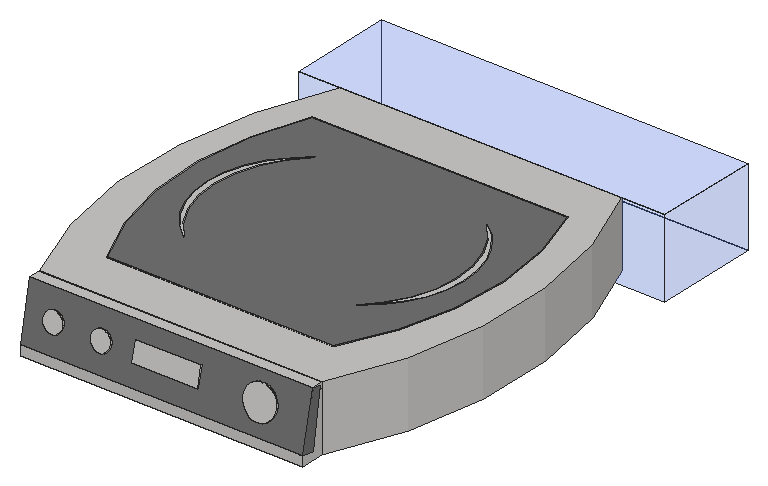
Revit family "QF_Vollrath 59651", category Specialty Equipment, Revit 2016
Family settings
  Part Type = Normal
  Round Connector Dimension = Use Diameter
  OmniClass Number = 23.40.40.14.17.14
  OmniClass Title = Hot Plates
  Work Plane-Based = No
  Always vertical = Yes
  Cut with Voids When Loaded = No
  Shared = No
  Room Calculation Point = No
Parameters (values of type "59651")
  Weight in Pounds = 12.8
  Watts = 1800 W
  Watermarked By = "http://revitwatermark.com"
  Volts = 230 V
  URL Cutsheet = ""
  URL = "www.vollrathco.com"
  Status [instance] = ""
  Specification by User [instance] = ""
  Specification by Manufacturer = ""
  Serial Number [instance] = ""
  Seismic Rating [instance] = ""
  Revision Code [instance] = ""
  Phase = 1
  Number of Poles [instance] = 1
  NAFEM Spec ID Number [instance] = ""
  Model = "59651"
  Masterspec = ""
  Manufacturer = "Vollrath"
  Item Number [instance] = ""
  Installed By [instance] = ""
  Height AFF [instance] = 3' - 0"
  Furnished By [instance] = ""
  Foodservice Equipment Identifier [instance] = yes
  FL Amps = 7.8 A
  Electrical Remarks [instance] = ""
  Electric Connection Type [instance] = ""
  Elec Conn RI Height [instance] = 0' - 0"
  Elec Conn Connection Height [instance] = Height AFF + 0' 2"  # 3' - 2"
  Description = "Induction Range, Countertop"
  Cycle = 50 Hz
  Conn Plug = "UK2-15P (BS546)"
  CSI MasterFormat = "11 42 13"
  Assembly Code = "E1090320"
  Apparent Power = if(Phase = 3, Volts * FL Amps * 1.73, Volts * FL Amps)  # 1794 VA
Reference planes (in)
  plane 1: z = 0
  plane 2 "LEFT": x = 48
  plane 3 "BACK": y = -48.065
  plane 4 "BOTTOM": z = 36
  plane 5 "FRONT": y = -63.315
  plane 6 "TOP": z = 39
  plane 7: y = -44.065
  plane 8 "RIGHT": x = 62
  plane 9: z = 36.5
  plane 10: x = 50
  plane 11: z = 38
Forms (in)
  Extrusion 1, solid, material "QF_Finishes_Stainless Steel"
    sketch origin (0, 0, 0) x (1, 0, 0) y (0, 1, 0)
      loop
        line (50.6012, -60.49075) -> (59.26879, -60.49075)
        arc (59.26879, -60.49075) -> (60.7812, -55.30043) -> (59.81973, -49.98043) r 11.79794
        line (59.81973, -49.98043) -> (50.05026, -49.98043)
        arc (50.05026, -49.98043) -> (49.08879, -55.30043) -> (50.6012, -60.49075) r 11.79794
      loop
        line (60.36999, -48.065) -> (49.56, -48.065)
        arc (49.56, -48.065) -> (47.95254, -55.22951) -> (49.56, -62.39402) r 16.77005
        line (49.56, -62.39402) -> (60.36999, -62.39402)
        arc (60.36999, -62.39402) -> (62.0733, -55.22951) -> (60.36999, -48.065) r 15.91951
    from 36.5 to 39
  Extrusion 2, solid, material "QF_Finishes_Grey"
    sketch origin (0, 0, 0) x (1, 0, 0) y (0, 1, 0)
      loop
        arc (50.05026, -49.98043) -> (49.08879, -55.30043) -> (50.6012, -60.49075) r 11.79794
        line (50.6012, -60.49075) -> (59.26879, -60.49075)
        arc (59.26879, -60.49075) -> (60.7812, -55.30043) -> (59.81973, -49.98043) r 11.79794
        line (59.81973, -49.98043) -> (50.05026, -49.98043)
      loop
        arc (51.64059, -58.08067) -> (50.30465, -54.95567) -> (51.64059, -51.83067) r 4.32294
        arc (51.64059, -51.83067) -> (50.04212, -54.95567) -> (51.64059, -58.08067) r 3.85391
      loop
        arc (58.2294, -58.08067) -> (59.82788, -54.95567) -> (58.2294, -51.83067) r 3.85391
        arc (58.2294, -51.83067) -> (59.56534, -54.95567) -> (58.2294, -58.08067) r 4.32294
    from 36.5 to 39
  Extrusion 3, solid, material "QF_Finishes_Stainless Steel"
    sketch origin (0, -1, 0) x (1, 0, 0) y (0, 1, 0)
      loop
        arc (58.2294, -57.08067) -> (59.82788, -53.95567) -> (58.2294, -50.83067) r 3.85391
        arc (58.2294, -50.83067) -> (59.56534, -53.95567) -> (58.2294, -57.08067) r 4.32294
      loop
        arc (51.64059, -50.83067) -> (50.04212, -53.95567) -> (51.64059, -57.08067) r 3.85391
        arc (51.64059, -57.08067) -> (50.30465, -53.95567) -> (51.64059, -50.83067) r 4.32294
    from 36.5 to 39
  Extrusion 4, solid, material "QF_Finishes_Stainless Steel"
    sketch origin (0, 0, 0) x (1, 0, 0) y (0, 1, 0)
      loop
        circle (50.00787, -48.71869) r 0.25
      loop
        circle (59.75787, -48.71869) r 0.25
      loop
        circle (59.75787, -59.21869) r 0.25
      loop
        circle (50.14153, -59.21869) r 0.25
    from 36 to 36.5
  Extrusion 5, solid, material "QF_Finishes_Stainless Steel"
    sketch origin (48, 0.00545, 0.03878) x (0, 1, 0) y (0, 0, 1)
      loop
        line (-62.86202, 38.96122) -> (-62.47623, 38.89663) -> (-62.77961, 36.73791) -> (-63.32045, 36.83193) -> (-63.32045, 36.46122) -> (-62.39947, 36.46122) -> (-62.39947, 38.96122) -> (-62.86202, 38.96122)
    from 1.56 to 12.36999
  Extrusion 6, solid, material "QF_Finishes_Stainless Steel"
    sketch origin (0, -53.66876, 20.05309) x (1, 0, 0) y (0, 0.210477, 0.977599)
      loop
        circle (58.56, 15.52979) r 0.6417
      loop
        line (56.23101, 15.95768) -> (53.73101, 15.95768) -> (53.73101, 15.20768) -> (56.23101, 15.20768) -> (56.23101, 15.95768)
      loop
        circle (52.47736, 15.49961) r 0.38574
      loop
        circle (50.64511, 15.49961) r 0.38574
    from 12.96987 to 13
  Extrusion 7, solid, material "QF_Finishes_Grey"
    sketch origin (48, 0, 0) x (0, 1, 0) y (0, 0, 1)
      loop
        line (-62.85656, 39) -> (-63.315, 36.87071) -> (-62.77416, 36.7767) -> (-62.47078, 38.93541) -> (-62.85656, 39)
    from 1.56 to 12.36999
  Extrusion 8, solid, material "QF_Finishes_Clearances"
    sketch origin (0, 0, 0) x (1, 0, 0) y (0, 1, 0)
      loop
        line (48, -44.065) -> (48, -48.065) -> (62, -48.065) -> (62, -44.065) -> (48, -44.065)
    from 36 to 39
  Extrusion 9, solid, material "QF_Finishes_Stainless Steel"
    sketch origin (0, -48.065, 0) x (1, 0, 0) y (0, 0, 1)
      loop
        circle (50, 38) r 0.25
    from -0.34646 to 0
Lines and regions (in)
  symbolic lines
    curve 1: arc (49.56, -48.065, 0) -> (47.95254, -55.22951, 0) -> (49.56, -62.39402, 0) r 16.77005
    curve 2: arc (50.05026, -49.98043, 0) -> (49.08879, -55.30043, 0) -> (50.6012, -60.49075, 0) r 11.79794
    curve 3: line (50.6012, -60.49075, 0) -> (59.26879, -60.49075, 0)
    curve 4: arc (59.26879, -60.49075, 0) -> (60.7812, -55.30043, 0) -> (59.81973, -49.98043, 0) r 11.79794
    curve 5: arc (60.36999, -62.39402, 0) -> (62.0733, -55.22951, 0) -> (60.36999, -48.065, 0) r 15.91951
    curve 6: line (60.36999, -62.39402, 0) -> (49.56, -62.39402, 0)
    curve 7: line (49.56, -63.315, 0) -> (60.36999, -63.315, 0)
    curve 8: line (49.56, -62.39402, 0) -> (49.56, -63.315, 0)
    curve 9: line (60.36999, -63.315, 0) -> (60.36999, -62.39402, 0)
    curve 10: line (49.56, -48.065, 0) -> (60.36999, -48.065, 0)
    curve 11: line (59.81973, -49.98043, 0) -> (50.05026, -49.98043, 0)
    curve 12: arc (51.64059, -51.83067, 0) -> (50.04212, -54.95567, 0) -> (51.64059, -58.08067, 0) r 3.85391
    curve 13: arc (51.64059, -58.08067, 0) -> (50.30465, -54.95567, 0) -> (51.64059, -51.83067, 0) r 4.32294
    curve 14: arc (58.2294, -51.83067, 0) -> (59.56534, -54.95567, 0) -> (58.2294, -58.08067, 0) r 4.32294
    curve 15: arc (58.2294, -58.08067, 0) -> (59.82788, -54.95567, 0) -> (58.2294, -51.83067, 0) r 3.85391
Dimensions and locks (in)
  "Height AFF": plane 4 "BOTTOM" to level
  plane 5 "FRONT" to plane 3 "BACK" = 1' - 3 1/4"
  locked: plane 3 "BACK" to plane 7 at 4
  plane 2 "LEFT" to plane 8 "RIGHT" = 1' - 2"
  locked: plane 9 to plane 4 "BOTTOM" at 0.5
  locked: plane 6 "TOP" to plane 9 at 2.5
  locked: Extrusion 6 to plane 4 "BOTTOM" at 1.6563
  locked: plane 4 "BOTTOM" to Extrusion 9 sketch curve at 2
  aligned and locked: level to plane 1
  aligned and locked: plane 6 "TOP" to Extrusion 2
  aligned and locked: Extrusion 1 to Extrusion 2
  aligned and locked: Extrusion 1 to Extrusion 3
  aligned and locked: plane 6 "TOP" to Extrusion 3
  aligned and locked: plane 6 "TOP" to Extrusion 1
  aligned and locked: Extrusion 1 to Extrusion 4
  aligned and locked: plane 6 "TOP" to Extrusion 5
  aligned and locked: Extrusion 4 to plane 4 "BOTTOM"
  aligned and locked: Extrusion 1 to plane 9
  aligned and locked: Extrusion 2 to plane 9
  aligned and locked: Extrusion 1 to plane 6 "TOP"
  aligned and locked: plane 6 "TOP" to Extrusion 5 sketch curve
  aligned and locked: Extrusion 5 sketch curve to plane 9
  aligned and locked: Extrusion 5 sketch curve to plane 5 "FRONT"
  aligned and locked: Extrusion 5 sketch curve to Extrusion 1
  aligned and locked: Extrusion 7 sketch curve to Extrusion 5  (x3)
  aligned and locked: Extrusion 5 to Extrusion 7
  aligned and locked: Extrusion 7 to Extrusion 5
  aligned and locked: plane 6 "TOP" to Extrusion 8
  aligned and locked: Extrusion 8 to plane 4 "BOTTOM"
Automatic sketch dimensions
  plane 3 "BACK" to Extrusion 1 sketch curve = 0' - 0"
  Extrusion 1 sketch curve to plane 2 "LEFT" = 0' - 1.84621"
  plane 2 "LEFT" to Extrusion 1 sketch curve = 0' - 0.99944"
  plane 2 "LEFT" to Extrusion 1 sketch curve = 0' - 1.56"  (x2)
  Extrusion 1 sketch curve to Extrusion 1 sketch curve = 0' - 0.49027"
  Extrusion 1 sketch curve to Extrusion 1 sketch curve = 0' - 1.04121"
  plane 8 "RIGHT" to Extrusion 1 sketch curve = 0' - 2.73121"
  plane 3 "BACK" to Extrusion 1 sketch curve = 0' - 1.91543"
  plane 8 "RIGHT" to Extrusion 1 sketch curve = 0' - 2.18027"
  plane 8 "RIGHT" to Extrusion 1 sketch curve = 0' - 1.63001"  (x2)
  plane 5 "FRONT" to Extrusion 1 sketch curve = 0' - 0.92098"
  plane 8 "RIGHT" to Extrusion 1 sketch curve = 0' - 1.12944"
  Extrusion 1 sketch curve to plane 8 "RIGHT" = 0' - 2.72259"
  Extrusion 1 sketch curve to Extrusion 1 sketch curve = 0' - 1.90328"
  plane 2 "LEFT" to Extrusion 2 sketch curve = 0' - 0.99944"
  plane 2 "LEFT" to Extrusion 2 sketch curve = 0' - 2.05026"
  plane 2 "LEFT" to Extrusion 2 sketch curve = 0' - 2.6012"
  Extrusion 2 sketch curve to Extrusion 2 sketch curve = 0' - 1.59032"
  Extrusion 2 sketch curve to Extrusion 2 sketch curve = 0' - 1.03938"  (x2)
  Extrusion 2 sketch curve to Extrusion 2 sketch curve = 0' - 2.25544"
  Extrusion 2 sketch curve to Extrusion 2 sketch curve = 0' - 0.73156"  (x2)
  Extrusion 2 sketch curve to Extrusion 2 sketch curve = 0' - 0.61482"
  plane 8 "RIGHT" to Extrusion 2 sketch curve = 0' - 3.7706"  (x2)
  plane 3 "BACK" to Extrusion 2 sketch curve = 0' - 1.91543"
  plane 8 "RIGHT" to Extrusion 2 sketch curve = 0' - 2.18027"
  plane 8 "RIGHT" to Extrusion 2 sketch curve = 0' - 1.12944"
  Extrusion 2 sketch curve to Extrusion 2 sketch curve = 0' - 1.85024"  (x2)
  Extrusion 2 sketch curve to Extrusion 2 sketch curve = 0' - 2.85217"
  Extrusion 2 sketch curve to Extrusion 2 sketch curve = 0' - 3 1/8"
  Extrusion 2 sketch curve to Extrusion 2 sketch curve = 0' - 0"
  plane 2 "LEFT" to Extrusion 3 sketch curve = 0' - 3.64059"  (x2)
  Extrusion 3 sketch curve to Extrusion 3 sketch curve = 0' - 2.25544"
  Extrusion 3 sketch curve to Extrusion 3 sketch curve = 0' - 0.73156"  (x2)
  Extrusion 3 sketch curve to Extrusion 3 sketch curve = 0' - 0.61482"
  plane 8 "RIGHT" to Extrusion 3 sketch curve = 0' - 3.7706"  (x2)
  plane 5 "FRONT" to Extrusion 3 sketch curve = 0' - 5.23433"  (x2)
  Extrusion 3 sketch curve to Extrusion 3 sketch curve = 0' - 3 1/8"
  Extrusion 3 sketch curve to Extrusion 3 sketch curve = 0' - 0"
  plane 3 "BACK" to Extrusion 4 sketch curve = 0' - 0.65369"  (x2)
  plane 2 "LEFT" to Extrusion 4 sketch curve = 0' - 2.00787"
  plane 2 "LEFT" to Extrusion 4 sketch curve = 0' - 2.14153"
  plane 8 "RIGHT" to Extrusion 4 sketch curve = 0' - 2.24213"  (x2)
  plane 5 "FRONT" to Extrusion 4 sketch curve = 0' - 4.09631"  (x2)
  plane 5 "FRONT" to Extrusion 5 sketch curve = 0' - 0.45844"
  Extrusion 5 sketch curve to Extrusion 5 sketch curve = 0' - 0.38014"
  Extrusion 5 sketch curve to plane 6 "TOP" = 0' - 0.06459"
  Extrusion 5 sketch curve to Extrusion 5 sketch curve = 0' - 0.07675"
  plane 9 to Extrusion 5 sketch curve = 0' - 0.2767"
  Extrusion 5 sketch curve to Extrusion 5 sketch curve = 0' - 0.37071"
  Extrusion 7 sketch curve to plane 5 "FRONT" = 0' - 0"
  Extrusion 7 sketch curve to plane 6 "TOP" = 0' - 0"
  Extrusion 6 sketch curve to Extrusion 6 sketch curve = 0' - 0"  (x7)
  plane 2 "LEFT" to Extrusion 6 sketch curve = 0' - 2.25937"
  Extrusion 6 sketch curve to Extrusion 6 sketch curve = 0' - 0.38574"  (x2)
  Extrusion 6 sketch curve to Extrusion 6 sketch curve = 0' - 1.06078"
  Extrusion 6 sketch curve to Extrusion 6 sketch curve = 0' - 0.86791"
  Extrusion 6 sketch curve to Extrusion 6 sketch curve = 0' - 2 1/2"
  Extrusion 6 sketch curve to Extrusion 6 sketch curve = 0' - 1.6873"
  Extrusion 6 sketch curve to Extrusion 6 sketch curve = 0' - 0.6417"
  Extrusion 6 sketch curve to Extrusion 6 sketch curve = 0' - 0.29194"
  Extrusion 6 sketch curve to Extrusion 6 sketch curve = 0' - 0.32212"
  Extrusion 6 sketch curve to Extrusion 6 sketch curve = 0' - 0 3/4"
  Extrusion 8 sketch curve to plane 2 "LEFT" = 0' - 0"
  plane 3 "BACK" to Extrusion 8 sketch curve = 0' - 0"
  Extrusion 8 sketch curve to plane 8 "RIGHT" = 0' - 0"
  Extrusion 8 sketch curve to plane 7 = 0' - 0"
  Extrusion 9 sketch curve to plane 10 = 0' - 0"
  curve 7 to plane 5 "FRONT" = 0' - 0"
  plane 3 "BACK" to curve 1 = 0' - 0"
  curve 5 to plane 2 "LEFT" = 0' - 1.84621"
  plane 2 "LEFT" to curve 4 = 0' - 0.99944"
  curve 10 to plane 10 = 0' - 0.44"
  curve 7 to plane 10 = 0' - 0.44"
  plane 10 to curve 2 = 0' - 0.05026"
  plane 10 to curve 3 = 0' - 0.6012"
  plane 8 "RIGHT" to curve 4 = 0' - 2.18027"
  plane 8 "RIGHT" to curve 5 = 0' - 1.63001"
  plane 8 "RIGHT" to curve 7 = 0' - 1.63001"
  plane 8 "RIGHT" to curve 2 = 0' - 1.12944"
  curve 1 to plane 8 "RIGHT" = 0' - 2.72259"
  curve 7 to curve 6 = 0' - 0.92098"
  curve 5 to curve 3 = 0' - 1.90328"
  curve 5 to curve 4 = 0' - 0.54667"
  curve 1 to curve 2 = 0' - 0.54667"
  plane 10 to curve 13 = 0' - 1.64059"
  plane 10 to curve 12 = 0' - 1.64059"
  curve 13 to curve 12 = 0' - 2.25544"
  curve 12 to curve 13 = 0' - 0.73156"
  curve 2 to curve 12 = 0' - 2.41008"
  curve 12 to curve 12 = 0' - 3 1/8"
  curve 13 to curve 14 = 0' - 0.61482"
  curve 14 to curve 15 = 0' - 0.73156"
  curve 15 to curve 3 = 0' - 1.03938"
  curve 14 to curve 4 = 0' - 1.59032"
  curve 3 to curve 14 = 0' - 2.41008"
  curve 13 to curve 15 = 0' - 0"
  radius of Extrusion 4 sketch curve = 0' - 0 1/4"  (x4)
  radius of Extrusion 9 sketch curve = 0' - 0 1/4"
Connectors (in)
  electrical at (50, -47.71854, 38), driven by "Number of Poles", driven by "Volts", driven by "Apparent Power"
    settings: on Extrusion 9, index 1, voltage 230 V, apparent load 1794 VA, apparent load phase1 0 VA, apparent load phase2 0 VA, apparent load phase3 0 VA, power factor 1, load classification "Other", number of poles 1, system type 30, power factor state 1, is connector primary yes, connector utility no, sub classification motor no, connector description "Electric Connection"
